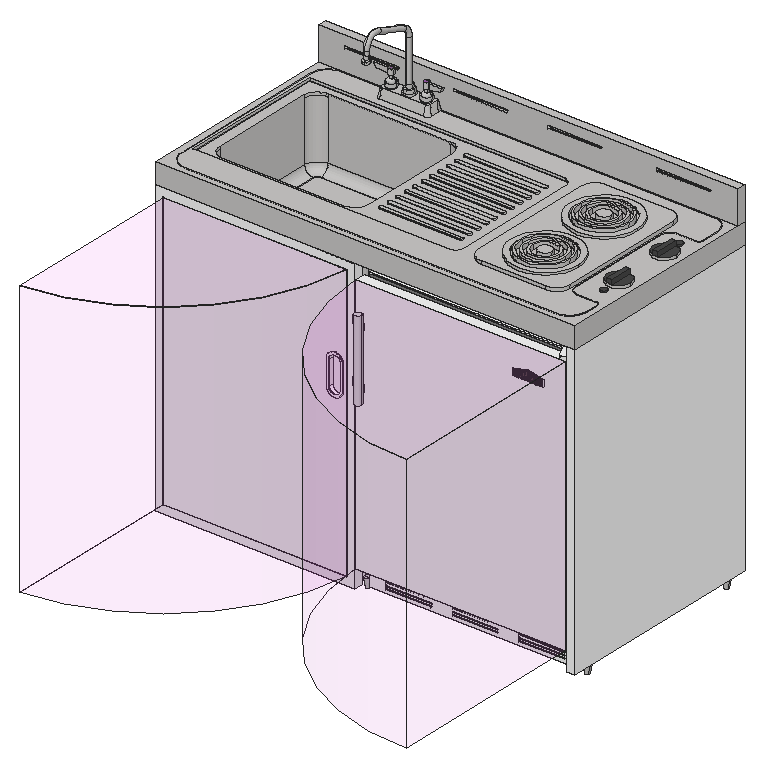
Revit family "QF_Summit_C48EL_Kitchenette", category Specialty Equipment, Revit 2020 (continued)
Definition of nested family "Summit_CT661W"
  Automatic sketch dimensions
    plane 2 "LEFT" to curve 2 = 3.48885"
    plane 2 "LEFT" to curve 5 = 1 1/2"
    curve 5 to curve 13 = 1/4"
    curve 6 to curve 8 = 0.29737"
    curve 8 to curve 9 = 0.05736"
    plane 2 "LEFT" to curve 15 = 0.71294"
    curve 10 to curve 10 = 0.1"
    plane 2 "LEFT" to curve 9 = 0.04264"
    curve 12 to plane 2 "LEFT" = 0.025"
    curve 4 to plane 2 "LEFT" = 0.08236"
    curve 4 to curve 11 = 0.04264"
    curve 15 to plane 4 "FRONT" = 0.54772"
    curve 1 to plane 4 "FRONT" = 0.54772"
    curve 3 to curve 3 = 0.13186"
    plane 4 "FRONT" to curve 23 = 0.13186"
    curve 23 to curve 24 = 0.06507"
    curve 12 to curve 9 = 0.01684"
    plane 4 "FRONT" to curve 8 = 0.72888"
    plane 4 "FRONT" to curve 21 = 0.72888"
    curve 8 to curve 9 = 0.08192"
    curve 21 to curve 22 = 0.08192"
    curve 21 to curve 18 = 0.08811"
    curve 8 to curve 5 = 0.08811"
    curve 18 to curve 20 = 0.43301"
    curve 5 to curve 7 = 0.43301"
    curve 13 to curve 2 = 10.37561"
    curve 26 to curve 19 = 3/8"
    curve 17 to curve 20 = 0.04034"
    curve 13 to curve 5 = 1/8"
    curve 7 to curve 4 = 0.04034"
    curve 1 to plane 4 "FRONT" = 0.00241"
    radius of Extrusion 3 sketch curve = 1/4"
    radius of Extrusion 19 sketch curve = 3/8"
  Nested families (in)
    nested 1: "QF_LOGO_SUMMIT" at (17.69244, -23.75, 28.86458), type "QF_LOGO_SUMMIT"
      with Show Logo yes
  Definition of nested family "QF_LOGO_SUMMIT"
    Parameters (values of type "QF_LOGO_SUMMIT")
      Show Logo [instance] = yes
      Default Elevation = 0"
    Reference planes (in)
      plane 1 "Center (Front/Back)": y = 0
      plane 2: z = 0
      plane 3 "Center (Left/Right)": x = 0
      plane 4: x = 1.72603
    Forms (in)
      Extrusion 1, solid
        sketch origin (-11.16229, 0.625, -2.89667) x (1, 0, 0) y (0, 0, -1)
          loop
            line (11.47787, -3.03897) -> (11.47787, -3.18068) -> (11.2411, -3.18068) -> (11.2411, -3.60532) -> (11.63555, -3.69212) -> (11.63555, -3.44494) -> (11.49851, -3.44494) -> (11.47737, -3.48529) -> (11.41852, -3.4847) -> (11.41852, -3.34299) -> (11.63555, -3.34299) -> (11.63555, -2.91649) -> (11.2411, -2.91649) -> (11.2411, -3.07874) -> (11.39788, -3.07874) -> (11.41903, -3.03839) -> (11.47787, -3.03897)
          loop
            line (11.73022, -2.91649) -> (11.73022, -3.71295) -> (11.89213, -3.74858) -> (11.89213, -3.14119) -> (11.97076, -3.14119) -> (11.97076, -3.76588) -> (12.12593, -3.80003) -> (12.12593, -2.91649) -> (11.73022, -2.91649)
          loop
            line (12.22795, -2.91649) -> (12.22795, -3.82675) -> (12.42218, -3.86949) -> (12.54348, -3.38385) -> (12.66208, -3.92228) -> (12.83954, -3.96133) -> (12.83954, -2.91649) -> (12.68166, -2.91649) -> (12.68166, -3.26138) -> (12.58261, -2.91649) -> (12.50318, -2.91649) -> (12.40552, -3.14057) -> (12.40552, -2.91649) -> (12.22795, -2.91649)
          loop
            line (12.93793, -2.91649) -> (12.93793, -3.96561) -> (13.13482, -3.92228) -> (13.25343, -3.38385) -> (13.37473, -3.86949) -> (13.56896, -3.82675) -> (13.56896, -2.91649) -> (13.39139, -2.91649) -> (13.39139, -3.14057) -> (13.29372, -2.91649) -> (13.2143, -2.91649) -> (13.11525, -3.26138) -> (13.11525, -2.91649) -> (12.93793, -2.91649)
          loop
            line (13.66715, -2.91649) -> (13.66715, -3.80514) -> (13.88471, -3.75727) -> (13.88471, -2.91649) -> (13.66715, -2.91649)
          loop
            line (13.98287, -3.5221) -> (13.98287, -3.73567) -> (14.516, -3.61836) -> (14.516, -3.40479) -> (14.3382, -3.44392) -> (14.3382, -2.91649) -> (14.14108, -2.91649) -> (14.14108, -3.48729) -> (13.98287, -3.5221)
        from -0.63712 to -0.625
      Extrusion 2, solid
        sketch origin (-11.16229, 0.625, -2.89667) x (1, 0, 0) y (0, 0, -1)
          loop
            line (12.88832, -4.03474) -> (14.59485, -3.66145) -> (14.59485, -2.89667) -> (11.16229, -2.89667) -> (11.16229, -3.64842) -> (12.88832, -4.03474)
          loop
            line (11.2411, -3.60532) -> (11.63555, -3.69212) -> (11.63555, -3.44494) -> (11.49851, -3.44494) -> (11.47737, -3.48529) -> (11.41852, -3.4847) -> (11.41852, -3.34299) -> (11.63555, -3.34299) -> (11.63555, -2.91649) -> (11.2411, -2.91649) -> (11.2411, -3.07874) -> (11.39788, -3.07874) -> (11.41903, -3.03839) -> (11.47787, -3.03897) -> (11.47787, -3.18068) -> (11.2411, -3.18068) -> (11.2411, -3.60532)
          loop
            line (11.73022, -3.71295) -> (11.89213, -3.74858) -> (11.89213, -3.14119) -> (11.97076, -3.14119) -> (11.97076, -3.76588) -> (12.12593, -3.80003) -> (12.12593, -2.91649) -> (11.73022, -2.91649) -> (11.73022, -3.71295)
          loop
            line (12.22795, -3.82675) -> (12.42218, -3.86949) -> (12.54348, -3.38385) -> (12.66208, -3.92228) -> (12.83954, -3.96133) -> (12.83954, -2.91649) -> (12.68166, -2.91649) -> (12.68166, -3.26138) -> (12.58261, -2.91649) -> (12.50318, -2.91649) -> (12.40552, -3.14057) -> (12.40552, -2.91649) -> (12.22795, -2.91649) -> (12.22795, -3.82675)
          loop
            line (12.93793, -3.96561) -> (13.13482, -3.92228) -> (13.25343, -3.38385) -> (13.37473, -3.86949) -> (13.56896, -3.82675) -> (13.56896, -2.91649) -> (13.39139, -2.91649) -> (13.39139, -3.14057) -> (13.29372, -2.91649) -> (13.2143, -2.91649) -> (13.11525, -3.26138) -> (13.11525, -2.91649) -> (12.93793, -2.91649) -> (12.93793, -3.96561)
          loop
            line (13.66715, -3.80514) -> (13.88471, -3.75727) -> (13.88471, -2.91649) -> (13.66715, -2.91649) -> (13.66715, -3.80514)
          loop
            line (13.98287, -3.73567) -> (14.516, -3.61836) -> (14.516, -3.40479) -> (14.3382, -3.44392) -> (14.3382, -2.91649) -> (14.14108, -2.91649) -> (14.14108, -3.48729) -> (13.98287, -3.5221) -> (13.98287, -3.73567)
        from -0.625 to -0.63712
    Dimensions and locks (in)
      plane 3 "Center (Left/Right)" to plane 4 = 1.72603"
      aligned and locked: level to plane 2
      aligned and locked: Extrusion 1 to Extrusion 2
